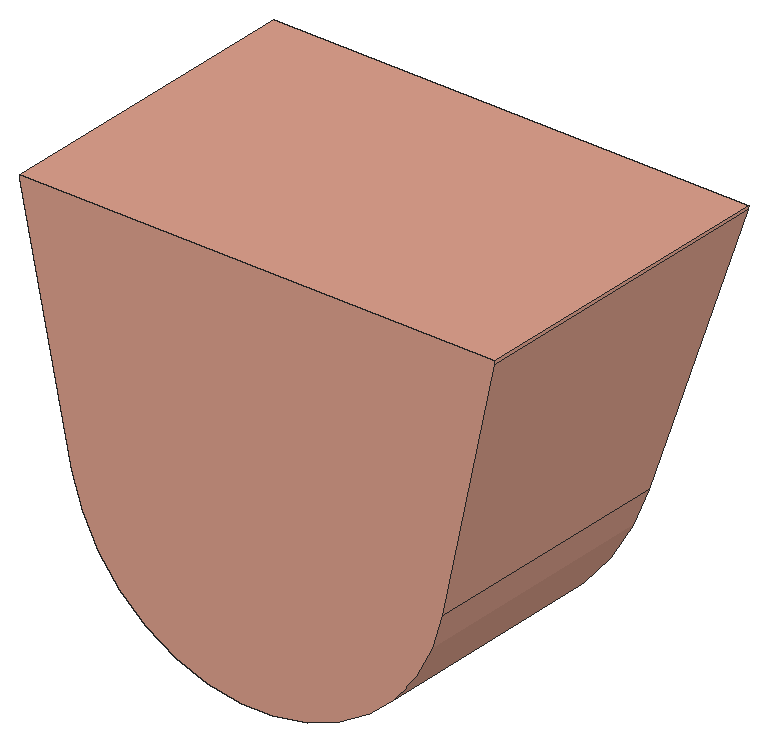
Revit family
Parameters (values of type "Continuous Spouting - Belle (Copper)")
  Ownership = "Continuous Spouting New Zealand Ltd"
  Downpipe Radius = 40.0 mm
  Downpipe Offset = Distance from Wall + 80.0 mm  # 100.0 mm
  Width = 300.0 mm
  URL = "http://www.productspec.net/products/comp/2280/continuous-spouting-new-zealand-ltd-products.aspx"
  Type Comments = "Rainwater Head"
  Rainwater Head = Copper
  Model = "Belle"
  Manufacturer = "Continuous Spouting New Zealand Ltd"
  Height = 250.0 mm
  Distance from Wall = 20.0 mm
  Depth = 200.0 mm
  Created By = "Productspec Ltd"
  Author = "Zinder Zhao"
Types (5, lengths in mm): name | Rainwater Head
  Continuous Spouting - Belle (Copper) | Copper
  Continuous Spouting - Belle (Zinc) | Zinc
  Continuous Spouting - Belle (Aluminium) | Aluminium
  Continuous Spouting - Belle (Colorcote®) | Colorcote®
  Continuous Spouting - Belle (Unpainted Zincalume) | Unpainted Zincalume
Reference planes
  plane 1: y = 0
  plane 2 "Center (Left/Right)": x = 120.1
  plane 3 "Back": y = 75
  plane 4 "Rainwater Head Back": y = 95
  plane 5 "Rainwater Head Front": y = 295
  plane 6: y = 175
  plane 7: z = 250
  plane 8: z = 170
  plane 9: x = -29.9
  plane 10: x = 270.1
Forms (mm)
  Extrusion 1, solid, material "Copper" <- "Rainwater Head"
    sketch origin (0, 95, 0) x (-1, 0, 0) y (0, 0, 1)
      loop
        line (29.9, 250) -> (-270.1, 250) -> (-270.1, 248) -> (-237.358, 94.548)
        arc (-237.358, 94.548) -> (-199.283, 29.509) -> (-129.936, 0) r 120
        line (-129.936, 0) -> (-110.078, 0)
        arc (-110.078, 0) -> (-40.824, 29.54) -> (-2.842, 94.548) r 119.882
        line (-2.842, 94.548) -> (29.9, 248) -> (29.9, 250)
    from 0 to 200
  Extrusion 2, void
    sketch origin (0, 95, 0) x (-1, 0, 0) y (0, 0, 1)
      loop
        circle (-120.1, 170) r 40
    from 80 to 279.748
  Extrusion 3, void
    sketch origin (120.1, 0, 0) x (0, 1, 0) y (0, 0, 1)
      loop
        line (235, 0) -> (330, 0) -> (330, 250) -> (295, 250) -> (235, 0)
    from -180 to 180
Cuts and joins
  Extrusion 2, Extrusion 3 cuts Extrusion 1
Lines and regions (mm)
  symbolic lines, style "Rainwater Head", detail levels medium+fine
    curve 1: line (-29.9, 295, 0) -> (270.1, 295, 0)
    curve 2: line (-29.9, 95, 0) -> (-29.9, 295, 0)
    curve 3: line (270.1, 95, 0) -> (-29.9, 95, 0)
    curve 4: line (270.1, 295, 0) -> (270.1, 95, 0)
Text (mm)
  text "Placement side" at (-1787.139, 592.35, 0), in view "Ref. Level"
  text "Placement side" at (0, 1827.695, 2917.686), in view "Left"
  text "Placement side" at (0, 562.268, 3853.606), in view "Right"
Dimensions and locks
  locked: plane 3 "Back" to host wall at 0
  "Distance from Wall": plane 4 "Rainwater Head Back" to plane 3 "Back"
  "Downpipe Offset": plane 6 to plane 3 "Back"
  locked: plane 8 to plane 7 at 80
  "Depth": plane 5 "Rainwater Head Front" to plane 4 "Rainwater Head Back"
  "Width": plane 9 to plane 10
  "Height": level to plane 7
  equal spacing: plane 9, plane 2 "Center (Left/Right)", plane 10
  aligned and locked: host wall to plane 1
  aligned and locked: plane 5 "Rainwater Head Front" to cut or joined group of Extrusion 1, Extrusion 2, Extrusion 3
  aligned and locked: plane 7 to cut or joined group of Extrusion 1, Extrusion 2, Extrusion 3
  aligned and locked: Extrusion 1 to plane 4 "Rainwater Head Back"
  aligned and locked: plane 7 to Extrusion 3 sketch curve
  aligned and locked: Extrusion 3 sketch curve to level
  aligned and locked: curve 1 to cut or joined group of Extrusion 1, Extrusion 2, Extrusion 3  (x2)
  aligned and locked: curve 4 to cut or joined group of Extrusion 1, Extrusion 2, Extrusion 3  (x2)
  aligned and locked: Extrusion 1 sketch curve to plane 9
  aligned and locked: Extrusion 1 sketch curve to plane 10
  aligned and locked: Extrusion 1 sketch curve to plane 7
  aligned and locked: level to Extrusion 1 sketch curve
Automatic sketch dimensions
  Extrusion 2 sketch curve to plane 2 "Center (Left/Right)" = 0.0 mm
  Extrusion 2 sketch curve to plane 8 = 0.0 mm
  Extrusion 1 sketch curve to plane 2 "Center (Left/Right)" = 0.1 mm
  Extrusion 1 sketch curve to plane 10 = 32.742 mm
  Extrusion 1 sketch curve to plane 2 "Center (Left/Right)" = 10.022 mm
  plane 9 to Extrusion 1 sketch curve = 32.742 mm
  level to Extrusion 1 sketch curve = 94.548 mm  (x2)
  Extrusion 1 sketch curve to plane 7 = 2.0 mm
  Extrusion 1 sketch curve to Extrusion 1 sketch curve = 2.0 mm
  Extrusion 3 sketch curve to plane 5 "Rainwater Head Front" = 0.0 mm
  Extrusion 3 sketch curve to plane 5 "Rainwater Head Front" = 60.0 mm
  plane 5 "Rainwater Head Front" to Extrusion 3 sketch curve = 35.0 mm
  plane 2 "Center (Left/Right)" to Extrusion 1 sketch curve = 9.836 mm
  plane 2 "Center (Left/Right)" to Extrusion 1 sketch curve = 0.007 mm
  radius of Extrusion 2 sketch curve = 40.0 mm
